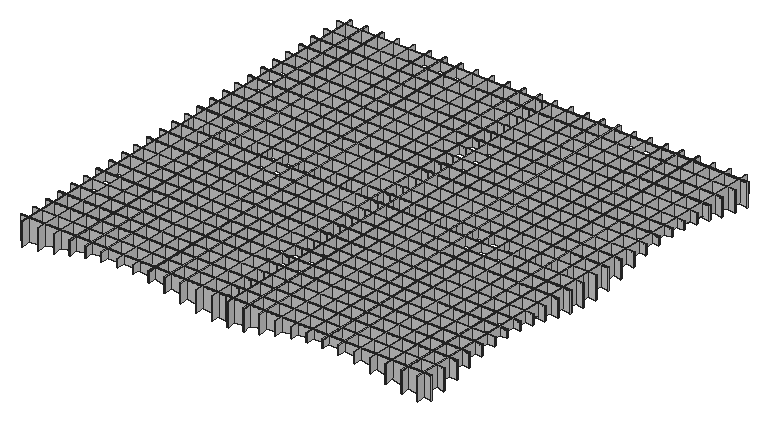
Revit family "CLD-WFL-002_RFA", category Modelos genéricos, Revit 2022 (continued)
Forms (in)
  Extrusion 12, solid
    sketch origin (0, 20.52778, 0) x (1, 0, 0) y (0, 0, 1)
      loop
        spline (53.76378, 5.08558) -> (54.49695, 5.08542) -> (55.23004, 5.08505) -> (55.96301, 5.0845) -> (56.6958, 5.0838) -> (57.42835, 5.08298) -> (58.16062, 5.08206) -> (58.89255, 5.08107) -> (59.62408, 5.08005) -> (60.35517, 5.07902) -> (61.08576, 5.07801) -> (61.81579, 5.07705) -> (62.54522, 5.07616)
        spline (62.54522, 5.07616) -> (63.20286, 5.07551) -> (63.85981, 5.075) -> (64.51602, 5.07466) -> (65.17144, 5.07452) -> (65.82603, 5.0746) -> (66.47973, 5.07493) -> (67.1325, 5.07554) -> (67.78428, 5.07645) -> (68.43505, 5.07766) -> (69.08486, 5.07909) -> (69.73376, 5.08066) -> (70.38178, 5.08229)
        spline (70.38178, 5.08229) -> (71.1172, 5.08386) -> (71.85177, 5.08523) -> (72.58555, 5.08629) -> (73.31859, 5.08695) -> (74.05095, 5.08712) -> (74.78269, 5.08668) -> (75.51386, 5.08555) -> (76.24453, 5.08362) -> (76.97474, 5.08079) -> (77.70455, 5.07697) -> (78.43403, 5.07206) -> (79.16322, 5.06596)
        spline (79.16322, 5.06596) -> (79.81589, 5.05858) -> (80.46845, 5.04989) -> (81.12094, 5.0398) -> (81.77342, 5.02821) -> (82.42595, 5.01505) -> (83.07858, 5.00022) -> (83.73137, 4.98363) -> (84.38439, 4.9652) -> (85.03768, 4.94483) -> (85.6913, 4.92244) -> (86.34531, 4.89793) -> (86.99978, 4.87123)
        spline (86.99978, 4.87123) -> (87.72677, 4.83707) -> (88.45442, 4.80022) -> (89.18281, 4.7606) -> (89.91198, 4.7181) -> (90.642, 4.67263) -> (91.37294, 4.62408) -> (92.10486, 4.57237) -> (92.83781, 4.5174) -> (93.57187, 4.45907) -> (94.3071, 4.39728) -> (95.04355, 4.33194) -> (95.78122, 4.26301)
        spline (95.78122, 4.26301) -> (96.43065, 4.19725) -> (97.08095, 4.12847) -> (97.73207, 4.05667) -> (98.38393, 3.9819) -> (99.03648, 3.90417) -> (99.68963, 3.82352) -> (100.34334, 3.73996) -> (100.99753, 3.65352) -> (101.65213, 3.56424) -> (102.30709, 3.47213) -> (102.96233, 3.37722) -> (103.61778, 3.27954)
        spline (103.61778, 3.27954) -> (103.98302, 3.22342) -> (104.34828, 3.16655) -> (104.71355, 3.10893) -> (105.07882, 3.05057) -> (105.44409, 2.99146) -> (105.80934, 2.93162) -> (106.17456, 2.87105) -> (106.53976, 2.80974) -> (106.9049, 2.74771) -> (107.27, 2.68496) -> (107.63504, 2.62148) -> (108, 2.55729)
        line (108, 2.55729) -> (108, 11.82144)
    from -0.47244 to 0
  Extrusion 13, solid
    sketch origin (0, 28.71867, 0) x (1, 0, 0) y (0, 0, 1)
      loop
        line (108, 11.82144) -> (0, 11.82144) -> (0, 4.58891)
        spline (0, 4.58891) -> (0.32561, 4.62796) -> (0.65129, 4.66617) -> (0.97702, 4.70353) -> (1.3028, 4.74004) -> (1.62862, 4.77569) -> (1.95447, 4.81048) -> (2.28035, 4.84439) -> (2.60624, 4.87743) -> (2.93213, 4.90957) -> (3.25803, 4.94083) -> (3.58391, 4.97119) -> (3.90978, 5.00064)
        spline (3.90978, 5.00064) -> (4.64427, 5.06081) -> (5.37851, 5.11675) -> (6.11244, 5.16838) -> (6.84597, 5.21566) -> (7.57904, 5.25851) -> (8.31157, 5.29688) -> (9.04348, 5.33072) -> (9.7747, 5.35995) -> (10.50516, 5.38452) -> (11.23478, 5.40437) -> (11.96349, 5.41944) -> (12.69122, 5.42966)
        spline (12.69122, 5.42966) -> (13.34952, 5.43128) -> (14.00673, 5.42829) -> (14.66285, 5.42076) -> (15.31792, 5.40886) -> (15.97202, 5.39278) -> (16.62518, 5.37269) -> (17.27747, 5.34877) -> (17.92894, 5.32119) -> (18.57965, 5.29014) -> (19.22966, 5.2558) -> (19.87902, 5.21833) -> (20.52778, 5.17793)
        spline (20.52778, 5.17793) -> (21.26115, 5.12722) -> (21.99402, 5.0737) -> (22.72645, 5.01759) -> (23.45851, 4.95908) -> (24.19025, 4.89838) -> (24.92176, 4.8357) -> (25.65308, 4.77124) -> (26.38429, 4.70521) -> (27.11544, 4.63782) -> (27.84661, 4.56926) -> (28.57785, 4.49975) -> (29.30922, 4.42949)
        spline (29.30922, 4.42949) -> (29.95995, 4.366) -> (30.61094, 4.30234) -> (31.26223, 4.2387) -> (31.91387, 4.17525) -> (32.56591, 4.11218) -> (33.21841, 4.04966) -> (33.87141, 3.98789) -> (34.52497, 3.92703) -> (35.17914, 3.86728) -> (35.83396, 3.80881) -> (36.48949, 3.75181) -> (37.14578, 3.69645)
        spline (37.14578, 3.69645) -> (37.87194, 3.63892) -> (38.59907, 3.58371) -> (39.32723, 3.53102) -> (40.05647, 3.48105) -> (40.78684, 3.43397) -> (41.51831, 3.38979) -> (42.25083, 3.34845) -> (42.98434, 3.30989) -> (43.7188, 3.27405) -> (44.45413, 3.24086) -> (45.19029, 3.21027) -> (45.92722, 3.18221)
        spline (45.92722, 3.18221) -> (46.57816, 3.16116) -> (47.22964, 3.14217) -> (47.88162, 3.12519) -> (48.53404, 3.11017) -> (49.18687, 3.09705) -> (49.84004, 3.08579) -> (50.49352, 3.07632) -> (51.14725, 3.06859) -> (51.80119, 3.06255) -> (52.45529, 3.05816) -> (53.1095, 3.05535) -> (53.76378, 3.05407)
        spline (53.76378, 3.05407) -> (54.49695, 3.0556) -> (55.23004, 3.05885) -> (55.96301, 3.06387) -> (56.6958, 3.07073) -> (57.42836, 3.07948) -> (58.16062, 3.09019) -> (58.89255, 3.10292) -> (59.62409, 3.11771) -> (60.35517, 3.13464) -> (61.08576, 3.15376) -> (61.81579, 3.17514) -> (62.54522, 3.19882)
        spline (62.54522, 3.19882) -> (63.20286, 3.22386) -> (63.85981, 3.25117) -> (64.51602, 3.28078) -> (65.17144, 3.31277) -> (65.82603, 3.34719) -> (66.47973, 3.38408) -> (67.1325, 3.42351) -> (67.78428, 3.46553) -> (68.43505, 3.51013) -> (69.08486, 3.55715) -> (69.73376, 3.60642) -> (70.38178, 3.65777)
        spline (70.38178, 3.65777) -> (71.1172, 3.71948) -> (71.85176, 3.78304) -> (72.58554, 3.84824) -> (73.31858, 3.91488) -> (74.05094, 3.98275) -> (74.78268, 4.05166) -> (75.51385, 4.12139) -> (76.24452, 4.19176) -> (76.97473, 4.26254) -> (77.70455, 4.33354) -> (78.43403, 4.40456) -> (79.16322, 4.47539)
        spline (79.16322, 4.47539) -> (79.80403, 4.53723) -> (80.44473, 4.59841) -> (81.08536, 4.65876) -> (81.72599, 4.7181) -> (82.36666, 4.77623) -> (83.00743, 4.83299) -> (83.64836, 4.88819) -> (84.28951, 4.94166) -> (84.93093, 4.9932) -> (85.57267, 5.04265) -> (86.21481, 5.08982) -> (86.85738, 5.13453)
        spline (86.85738, 5.13453) -> (87.59614, 5.18092) -> (88.33559, 5.22395) -> (89.07577, 5.26344) -> (89.81676, 5.29917) -> (90.55862, 5.33094) -> (91.30141, 5.35856) -> (92.04519, 5.38181) -> (92.79004, 5.4005) -> (93.53601, 5.41442) -> (94.28316, 5.42338) -> (95.03157, 5.42716) -> (95.78122, 5.4257)
        spline (95.78122, 5.4257) -> (96.43065, 5.41648) -> (97.08095, 5.40294) -> (97.73207, 5.38513) -> (98.38393, 5.36311) -> (99.03648, 5.33693) -> (99.68963, 5.30665) -> (100.34334, 5.27231) -> (100.99753, 5.23398) -> (101.65213, 5.19169) -> (102.30709, 5.14552) -> (102.96233, 5.09551) -> (103.61778, 5.04172)
        spline (103.61778, 5.04172) -> (103.98301, 5.00943) -> (104.34827, 4.97613) -> (104.71354, 4.94182) -> (105.07881, 4.90651) -> (105.44407, 4.8702) -> (105.80932, 4.83291) -> (106.17455, 4.79465) -> (106.53974, 4.75541) -> (106.90489, 4.71521) -> (107.26999, 4.67406) -> (107.63503, 4.63196) -> (108, 4.58891)
        line (108, 4.58891) -> (108, 11.82144)
    from -0.11811 to 0
  Extrusion 14, solid, not visible
    sketch origin (0, 16.618, 0) x (1, 0, 0) y (0, 0, 1)
      loop
        line (108, 11.82144) -> (0, 11.82144) -> (0, 2.55729)
        spline (0, 2.55729) -> (0.32561, 2.61504) -> (0.65129, 2.67215) -> (0.97702, 2.72862) -> (1.3028, 2.78445) -> (1.62862, 2.83963) -> (1.95447, 2.89415) -> (2.28035, 2.94802) -> (2.60624, 3.00123) -> (2.93213, 3.05379) -> (3.25803, 3.10567) -> (3.58391, 3.15689) -> (3.90978, 3.20744)
        spline (3.90978, 3.20744) -> (4.64427, 3.31686) -> (5.37851, 3.42317) -> (6.11243, 3.52634) -> (6.84596, 3.62635) -> (7.57903, 3.72316) -> (8.31156, 3.81675) -> (9.04347, 3.90709) -> (9.77469, 3.99415) -> (10.50515, 4.07789) -> (11.23478, 4.1583) -> (11.96349, 4.23534) -> (12.69122, 4.30898)
        spline (12.69122, 4.30898) -> (13.34952, 4.37039) -> (14.00673, 4.4286) -> (14.66285, 4.48364) -> (15.31792, 4.53559) -> (15.97202, 4.58455) -> (16.62518, 4.63059) -> (17.27747, 4.67381) -> (17.92894, 4.71429) -> (18.57965, 4.75212) -> (19.22966, 4.78738) -> (19.87902, 4.82016) -> (20.52778, 4.85054)
        spline (20.52778, 4.85054) -> (21.26115, 4.88062) -> (21.99402, 4.90823) -> (22.72646, 4.93347) -> (23.45851, 4.95644) -> (24.19026, 4.97724) -> (24.92176, 4.99598) -> (25.65309, 5.01275) -> (26.38429, 5.02764) -> (27.11545, 5.04077) -> (27.84661, 5.05223) -> (28.57785, 5.06211) -> (29.30922, 5.07053)
        spline (29.30922, 5.07053) -> (29.95995, 5.07584) -> (30.61094, 5.08009) -> (31.26223, 5.08336) -> (31.91387, 5.08574) -> (32.56591, 5.08733) -> (33.21841, 5.0882) -> (33.87141, 5.08846) -> (34.52497, 5.08817) -> (35.17914, 5.08744) -> (35.83396, 5.08636) -> (36.48949, 5.085) -> (37.14578, 5.08346)
        spline (37.14578, 5.08346) -> (37.87194, 5.08165) -> (38.59907, 5.0799) -> (39.32723, 5.0783) -> (40.05647, 5.07696) -> (40.78684, 5.07594) -> (41.51831, 5.07527) -> (42.25083, 5.07491) -> (42.98434, 5.07483) -> (43.7188, 5.075) -> (44.45413, 5.07538) -> (45.19029, 5.07596) -> (45.92722, 5.0767)
        spline (45.92722, 5.0767) -> (46.57816, 5.07753) -> (47.22964, 5.07843) -> (47.88162, 5.07937) -> (48.53404, 5.08033) -> (49.18687, 5.08128) -> (49.84004, 5.0822) -> (50.49352, 5.08306) -> (51.14725, 5.08383) -> (51.80119, 5.0845) -> (52.45529, 5.08503) -> (53.1095, 5.0854) -> (53.76378, 5.08558)
        spline (53.76378, 5.08558) -> (54.49695, 5.08542) -> (55.23004, 5.08505) -> (55.96301, 5.0845) -> (56.6958, 5.0838) -> (57.42835, 5.08298) -> (58.16062, 5.08206) -> (58.89255, 5.08107) -> (59.62408, 5.08005) -> (60.35517, 5.07902) -> (61.08576, 5.07801) -> (61.81579, 5.07705) -> (62.54522, 5.07616)
        spline (62.54522, 5.07616) -> (63.20286, 5.07551) -> (63.85981, 5.075) -> (64.51602, 5.07466) -> (65.17144, 5.07452) -> (65.82603, 5.0746) -> (66.47973, 5.07493) -> (67.1325, 5.07554) -> (67.78428, 5.07645) -> (68.43505, 5.07766) -> (69.08486, 5.07909) -> (69.73376, 5.08066) -> (70.38178, 5.08229)
        spline (70.38178, 5.08229) -> (71.1172, 5.08386) -> (71.85177, 5.08523) -> (72.58555, 5.08629) -> (73.31859, 5.08695) -> (74.05095, 5.08712) -> (74.78269, 5.08668) -> (75.51386, 5.08555) -> (76.24453, 5.08362) -> (76.97474, 5.08079) -> (77.70455, 5.07697) -> (78.43403, 5.07206) -> (79.16322, 5.06596)
        spline (79.16322, 5.06596) -> (79.81589, 5.05858) -> (80.46845, 5.04989) -> (81.12094, 5.0398) -> (81.77342, 5.02821) -> (82.42595, 5.01505) -> (83.07858, 5.00022) -> (83.73137, 4.98363) -> (84.38439, 4.9652) -> (85.03768, 4.94483) -> (85.6913, 4.92244) -> (86.34531, 4.89793) -> (86.99978, 4.87123)
        spline (86.99978, 4.87123) -> (87.72677, 4.83707) -> (88.45442, 4.80022) -> (89.18281, 4.7606) -> (89.91198, 4.7181) -> (90.642, 4.67263) -> (91.37294, 4.62408) -> (92.10486, 4.57237) -> (92.83781, 4.5174) -> (93.57187, 4.45907) -> (94.3071, 4.39728) -> (95.04355, 4.33194) -> (95.78122, 4.26301)
        spline (95.78122, 4.26301) -> (96.43065, 4.19725) -> (97.08095, 4.12847) -> (97.73207, 4.05667) -> (98.38393, 3.9819) -> (99.03648, 3.90417) -> (99.68963, 3.82352) -> (100.34334, 3.73996) -> (100.99753, 3.65352) -> (101.65213, 3.56424) -> (102.30709, 3.47213) -> (102.96233, 3.37722) -> (103.61778, 3.27954)
        spline (103.61778, 3.27954) -> (103.98302, 3.22342) -> (104.34828, 3.16655) -> (104.71355, 3.10893) -> (105.07882, 3.05057) -> (105.44409, 2.99146) -> (105.80934, 2.93162) -> (106.17456, 2.87105) -> (106.53976, 2.80974) -> (106.9049, 2.74771) -> (107.27, 2.68496) -> (107.63504, 2.62148) -> (108, 2.55729)
        line (108, 2.55729) -> (108, 11.82144)
    from -0.11811 to 0
  Extrusion 15, solid, not visible
    sketch origin (0, 16.73611, 0) x (1, 0, 0) y (0, 0, 1)
      loop
        line (108, 11.82144) -> (0, 11.82144) -> (0, 2.55729)
        spline (0, 2.55729) -> (0.32561, 2.61504) -> (0.65129, 2.67215) -> (0.97702, 2.72862) -> (1.3028, 2.78445) -> (1.62862, 2.83963) -> (1.95447, 2.89415) -> (2.28035, 2.94802) -> (2.60624, 3.00123) -> (2.93213, 3.05379) -> (3.25803, 3.10567) -> (3.58391, 3.15689) -> (3.90978, 3.20744)
        spline (3.90978, 3.20744) -> (4.64427, 3.31686) -> (5.37851, 3.42317) -> (6.11243, 3.52634) -> (6.84596, 3.62635) -> (7.57903, 3.72316) -> (8.31156, 3.81675) -> (9.04347, 3.90709) -> (9.77469, 3.99415) -> (10.50515, 4.07789) -> (11.23478, 4.1583) -> (11.96349, 4.23534) -> (12.69122, 4.30898)
        spline (12.69122, 4.30898) -> (13.34952, 4.37039) -> (14.00673, 4.4286) -> (14.66285, 4.48364) -> (15.31792, 4.53559) -> (15.97202, 4.58455) -> (16.62518, 4.63059) -> (17.27747, 4.67381) -> (17.92894, 4.71429) -> (18.57965, 4.75212) -> (19.22966, 4.78738) -> (19.87902, 4.82016) -> (20.52778, 4.85054)
        spline (20.52778, 4.85054) -> (21.26115, 4.88062) -> (21.99402, 4.90823) -> (22.72646, 4.93347) -> (23.45851, 4.95644) -> (24.19026, 4.97724) -> (24.92176, 4.99598) -> (25.65309, 5.01275) -> (26.38429, 5.02764) -> (27.11545, 5.04077) -> (27.84661, 5.05223) -> (28.57785, 5.06211) -> (29.30922, 5.07053)
        spline (29.30922, 5.07053) -> (29.95995, 5.07584) -> (30.61094, 5.08009) -> (31.26223, 5.08336) -> (31.91387, 5.08574) -> (32.56591, 5.08733) -> (33.21841, 5.0882) -> (33.87141, 5.08846) -> (34.52497, 5.08817) -> (35.17914, 5.08744) -> (35.83396, 5.08636) -> (36.48949, 5.085) -> (37.14578, 5.08346)
        spline (37.14578, 5.08346) -> (37.87194, 5.08165) -> (38.59907, 5.0799) -> (39.32723, 5.0783) -> (40.05647, 5.07696) -> (40.78684, 5.07594) -> (41.51831, 5.07527) -> (42.25083, 5.07491) -> (42.98434, 5.07483) -> (43.7188, 5.075) -> (44.45413, 5.07538) -> (45.19029, 5.07596) -> (45.92722, 5.0767)
        spline (45.92722, 5.0767) -> (46.57816, 5.07753) -> (47.22964, 5.07843) -> (47.88162, 5.07937) -> (48.53404, 5.08033) -> (49.18687, 5.08128) -> (49.84004, 5.0822) -> (50.49352, 5.08306) -> (51.14725, 5.08383) -> (51.80119, 5.0845) -> (52.45529, 5.08503) -> (53.1095, 5.0854) -> (53.76378, 5.08558)
        spline (53.76378, 5.08558) -> (54.49695, 5.08542) -> (55.23004, 5.08505) -> (55.96301, 5.0845) -> (56.6958, 5.0838) -> (57.42835, 5.08298) -> (58.16062, 5.08206) -> (58.89255, 5.08107) -> (59.62408, 5.08005) -> (60.35517, 5.07902) -> (61.08576, 5.07801) -> (61.81579, 5.07705) -> (62.54522, 5.07616)
        spline (62.54522, 5.07616) -> (63.20286, 5.07551) -> (63.85981, 5.075) -> (64.51602, 5.07466) -> (65.17144, 5.07452) -> (65.82603, 5.0746) -> (66.47973, 5.07493) -> (67.1325, 5.07554) -> (67.78428, 5.07645) -> (68.43505, 5.07766) -> (69.08486, 5.07909) -> (69.73376, 5.08066) -> (70.38178, 5.08229)
        spline (70.38178, 5.08229) -> (71.1172, 5.08386) -> (71.85177, 5.08523) -> (72.58555, 5.08629) -> (73.31859, 5.08695) -> (74.05095, 5.08712) -> (74.78269, 5.08668) -> (75.51386, 5.08555) -> (76.24453, 5.08362) -> (76.97474, 5.08079) -> (77.70455, 5.07697) -> (78.43403, 5.07206) -> (79.16322, 5.06596)
        spline (79.16322, 5.06596) -> (79.81589, 5.05858) -> (80.46845, 5.04989) -> (81.12094, 5.0398) -> (81.77342, 5.02821) -> (82.42595, 5.01505) -> (83.07858, 5.00022) -> (83.73137, 4.98363) -> (84.38439, 4.9652) -> (85.03768, 4.94483) -> (85.6913, 4.92244) -> (86.34531, 4.89793) -> (86.99978, 4.87123)
        spline (86.99978, 4.87123) -> (87.72677, 4.83707) -> (88.45442, 4.80022) -> (89.18281, 4.7606) -> (89.91198, 4.7181) -> (90.642, 4.67263) -> (91.37294, 4.62408) -> (92.10486, 4.57237) -> (92.83781, 4.5174) -> (93.57187, 4.45907) -> (94.3071, 4.39728) -> (95.04355, 4.33194) -> (95.78122, 4.26301)
        spline (95.78122, 4.26301) -> (96.43065, 4.19725) -> (97.08095, 4.12847) -> (97.73207, 4.05667) -> (98.38393, 3.9819) -> (99.03648, 3.90417) -> (99.68963, 3.82352) -> (100.34334, 3.73996) -> (100.99753, 3.65352) -> (101.65213, 3.56424) -> (102.30709, 3.47213) -> (102.96233, 3.37722) -> (103.61778, 3.27954)
        spline (103.61778, 3.27954) -> (103.98302, 3.22342) -> (104.34828, 3.16655) -> (104.71355, 3.10893) -> (105.07882, 3.05057) -> (105.44409, 2.99146) -> (105.80934, 2.93162) -> (106.17456, 2.87105) -> (106.53976, 2.80974) -> (106.9049, 2.74771) -> (107.27, 2.68496) -> (107.63504, 2.62148) -> (108, 2.55729)
        line (108, 2.55729) -> (108, 11.82144)
    from -0.47244 to 0
  Extrusion 16, solid
    sketch origin (0, 28.83678, 0) x (1, 0, 0) y (0, 0, 1)
      loop
        line (108, 11.82144) -> (0, 11.82144) -> (0, 4.58891)
        spline (0, 4.58891) -> (0.32561, 4.62796) -> (0.65129, 4.66617) -> (0.97702, 4.70353) -> (1.3028, 4.74004) -> (1.62862, 4.77569) -> (1.95447, 4.81048) -> (2.28035, 4.84439) -> (2.60624, 4.87743) -> (2.93213, 4.90957) -> (3.25803, 4.94083) -> (3.58391, 4.97119) -> (3.90978, 5.00064)
        spline (3.90978, 5.00064) -> (4.64427, 5.06081) -> (5.37851, 5.11675) -> (6.11244, 5.16838) -> (6.84597, 5.21566) -> (7.57904, 5.25851) -> (8.31157, 5.29688) -> (9.04348, 5.33072) -> (9.7747, 5.35995) -> (10.50516, 5.38452) -> (11.23478, 5.40437) -> (11.96349, 5.41944) -> (12.69122, 5.42966)
        spline (12.69122, 5.42966) -> (13.34952, 5.43128) -> (14.00673, 5.42829) -> (14.66285, 5.42076) -> (15.31792, 5.40886) -> (15.97202, 5.39278) -> (16.62518, 5.37269) -> (17.27747, 5.34877) -> (17.92894, 5.32119) -> (18.57965, 5.29014) -> (19.22966, 5.2558) -> (19.87902, 5.21833) -> (20.52778, 5.17793)
        spline (20.52778, 5.17793) -> (21.26115, 5.12722) -> (21.99402, 5.0737) -> (22.72645, 5.01759) -> (23.45851, 4.95908) -> (24.19025, 4.89838) -> (24.92176, 4.8357) -> (25.65308, 4.77124) -> (26.38429, 4.70521) -> (27.11544, 4.63782) -> (27.84661, 4.56926) -> (28.57785, 4.49975) -> (29.30922, 4.42949)
        spline (29.30922, 4.42949) -> (29.95995, 4.366) -> (30.61094, 4.30234) -> (31.26223, 4.2387) -> (31.91387, 4.17525) -> (32.56591, 4.11218) -> (33.21841, 4.04966) -> (33.87141, 3.98789) -> (34.52497, 3.92703) -> (35.17914, 3.86728) -> (35.83396, 3.80881) -> (36.48949, 3.75181) -> (37.14578, 3.69645)
        spline (37.14578, 3.69645) -> (37.87194, 3.63892) -> (38.59907, 3.58371) -> (39.32723, 3.53102) -> (40.05647, 3.48105) -> (40.78684, 3.43397) -> (41.51831, 3.38979) -> (42.25083, 3.34845) -> (42.98434, 3.30989) -> (43.7188, 3.27405) -> (44.45413, 3.24086) -> (45.19029, 3.21027) -> (45.92722, 3.18221)
        spline (45.92722, 3.18221) -> (46.57816, 3.16116) -> (47.22964, 3.14217) -> (47.88162, 3.12519) -> (48.53404, 3.11017) -> (49.18687, 3.09705) -> (49.84004, 3.08579) -> (50.49352, 3.07632) -> (51.14725, 3.06859) -> (51.80119, 3.06255) -> (52.45529, 3.05816) -> (53.1095, 3.05535) -> (53.76378, 3.05407)
        spline (53.76378, 3.05407) -> (54.49695, 3.0556) -> (55.23004, 3.05885) -> (55.96301, 3.06387) -> (56.6958, 3.07073) -> (57.42836, 3.07948) -> (58.16062, 3.09019) -> (58.89255, 3.10292) -> (59.62409, 3.11771) -> (60.35517, 3.13464) -> (61.08576, 3.15376) -> (61.81579, 3.17514) -> (62.54522, 3.19882)
        spline (62.54522, 3.19882) -> (63.20286, 3.22386) -> (63.85981, 3.25117) -> (64.51602, 3.28078) -> (65.17144, 3.31277) -> (65.82603, 3.34719) -> (66.47973, 3.38408) -> (67.1325, 3.42351) -> (67.78428, 3.46553) -> (68.43505, 3.51013) -> (69.08486, 3.55715) -> (69.73376, 3.60642) -> (70.38178, 3.65777)
        spline (70.38178, 3.65777) -> (71.1172, 3.71948) -> (71.85176, 3.78304) -> (72.58554, 3.84824) -> (73.31858, 3.91488) -> (74.05094, 3.98275) -> (74.78268, 4.05166) -> (75.51385, 4.12139) -> (76.24452, 4.19176) -> (76.97473, 4.26254) -> (77.70455, 4.33354) -> (78.43403, 4.40456) -> (79.16322, 4.47539)
        spline (79.16322, 4.47539) -> (79.80403, 4.53723) -> (80.44473, 4.59841) -> (81.08536, 4.65876) -> (81.72599, 4.7181) -> (82.36666, 4.77623) -> (83.00743, 4.83299) -> (83.64836, 4.88819) -> (84.28951, 4.94166) -> (84.93093, 4.9932) -> (85.57267, 5.04265) -> (86.21481, 5.08982) -> (86.85738, 5.13453)
        spline (86.85738, 5.13453) -> (87.59614, 5.18092) -> (88.33559, 5.22395) -> (89.07577, 5.26344) -> (89.81676, 5.29917) -> (90.55862, 5.33094) -> (91.30141, 5.35856) -> (92.04519, 5.38181) -> (92.79004, 5.4005) -> (93.53601, 5.41442) -> (94.28316, 5.42338) -> (95.03157, 5.42716) -> (95.78122, 5.4257)
        spline (95.78122, 5.4257) -> (96.43065, 5.41648) -> (97.08095, 5.40294) -> (97.73207, 5.38513) -> (98.38393, 5.36311) -> (99.03648, 5.33693) -> (99.68963, 5.30665) -> (100.34334, 5.27231) -> (100.99753, 5.23398) -> (101.65213, 5.19169) -> (102.30709, 5.14552) -> (102.96233, 5.09551) -> (103.61778, 5.04172)
        spline (103.61778, 5.04172) -> (103.98301, 5.00943) -> (104.34827, 4.97613) -> (104.71354, 4.94182) -> (105.07881, 4.90651) -> (105.44407, 4.8702) -> (105.80932, 4.83291) -> (106.17455, 4.79465) -> (106.53974, 4.75541) -> (106.90489, 4.71521) -> (107.26999, 4.67406) -> (107.63503, 4.63196) -> (108, 4.58891)
        line (108, 4.58891) -> (108, 11.82144)
    from -0.47244 to 0
  Extrusion 17, solid
    sketch origin (0, 37.02767, 0) x (1, 0, 0) y (0, 0, 1)
      loop
        line (108, 11.82144) -> (0, 11.82144) -> (0, 6.40455)
        spline (0, 6.40455) -> (0.32561, 6.42139) -> (0.65129, 6.43729) -> (0.97702, 6.45226) -> (1.3028, 6.46628) -> (1.62862, 6.47935) -> (1.95447, 6.49146) -> (2.28035, 6.50259) -> (2.60624, 6.51274) -> (2.93213, 6.52189) -> (3.25803, 6.53005) -> (3.58391, 6.5372) -> (3.90978, 6.54334)
        spline (3.90978, 6.54334) -> (4.64427, 6.55011) -> (5.37852, 6.55208) -> (6.11244, 6.54917) -> (6.84598, 6.5413) -> (7.57905, 6.52839) -> (8.31157, 6.51035) -> (9.04349, 6.4871) -> (9.77471, 6.45856) -> (10.50517, 6.42465) -> (11.23479, 6.38528) -> (11.9635, 6.34038) -> (12.69122, 6.28985)
        spline (12.69122, 6.28985) -> (13.34952, 6.23514) -> (14.00673, 6.17505) -> (14.66285, 6.10968) -> (15.31792, 6.03926) -> (15.97202, 5.96405) -> (16.62518, 5.88427) -> (17.27747, 5.80017) -> (17.92894, 5.712) -> (18.57965, 5.62) -> (19.22966, 5.52441) -> (19.87902, 5.42547) -> (20.52778, 5.32343)
        spline (20.52778, 5.32343) -> (21.26115, 5.20293) -> (21.99402, 5.07965) -> (22.72645, 4.95385) -> (23.4585, 4.82583) -> (24.19025, 4.69586) -> (24.92176, 4.56423) -> (25.65308, 4.43121) -> (26.38429, 4.29709) -> (27.11544, 4.16214) -> (27.84661, 4.02665) -> (28.57785, 3.8909) -> (29.30922, 3.75516)
        spline (29.30922, 3.75516) -> (29.95995, 3.63466) -> (30.61094, 3.51485) -> (31.26223, 3.39599) -> (31.91387, 3.2783) -> (32.56591, 3.16206) -> (33.21841, 3.04749) -> (33.87141, 2.93486) -> (34.52497, 2.8244) -> (35.17914, 2.71637) -> (35.83396, 2.61101) -> (36.48949, 2.50857) -> (37.14578, 2.4093)
        spline (37.14578, 2.4093) -> (37.87194, 2.30632) -> (38.59907, 2.20751) -> (39.32723, 2.11315) -> (40.05647, 2.02349) -> (40.78684, 1.93878) -> (41.51831, 1.85902) -> (42.25083, 1.78415) -> (42.98434, 1.71406) -> (43.71879, 1.64869) -> (44.45413, 1.58794) -> (45.19029, 1.53174) -> (45.92722, 1.47999)
        spline (45.92722, 1.47999) -> (46.57816, 1.44092) -> (47.22964, 1.40553) -> (47.88162, 1.37376) -> (48.53404, 1.34552) -> (49.18687, 1.32076) -> (49.84004, 1.2994) -> (50.49352, 1.28136) -> (51.14725, 1.26658) -> (51.80119, 1.25497) -> (52.45529, 1.24648) -> (53.1095, 1.24101) -> (53.76378, 1.23852)
        spline (53.76378, 1.23852) -> (54.49695, 1.24145) -> (55.23005, 1.2477) -> (55.96302, 1.25736) -> (56.69581, 1.2705) -> (57.42836, 1.2872) -> (58.16063, 1.30755) -> (58.89256, 1.33163) -> (59.62409, 1.35951) -> (60.35518, 1.39128) -> (61.08577, 1.42702) -> (61.8158, 1.46681) -> (62.54522, 1.51073)
        spline (62.54522, 1.51073) -> (63.20286, 1.5569) -> (63.85981, 1.60706) -> (64.51602, 1.66127) -> (65.17144, 1.7196) -> (65.82603, 1.78214) -> (66.47973, 1.84896) -> (67.1325, 1.92013) -> (67.78428, 1.99572) -> (68.43505, 2.07573) -> (69.08486, 2.15994) -> (69.73376, 2.24811) -> (70.38178, 2.34001)
        spline (70.38178, 2.34001) -> (71.11719, 2.45082) -> (71.85175, 2.56518) -> (72.58552, 2.6828) -> (73.31856, 2.80343) -> (74.05092, 2.92677) -> (74.78266, 3.05256) -> (75.51384, 3.1805) -> (76.2445, 3.31033) -> (76.97472, 3.44177) -> (77.70454, 3.57454) -> (78.43402, 3.70836) -> (79.16322, 3.84296)
        spline (79.16322, 3.84296) -> (79.81589, 3.96449) -> (80.46845, 4.08604) -> (81.12094, 4.20735) -> (81.77342, 4.32817) -> (82.42595, 4.44826) -> (83.07858, 4.56736) -> (83.73137, 4.68523) -> (84.38439, 4.80161) -> (85.03768, 4.91625) -> (85.6913, 5.02891) -> (86.34531, 5.13933) -> (86.99978, 5.24726)
        spline (86.99978, 5.24726) -> (87.72678, 5.36123) -> (88.45444, 5.47173) -> (89.18283, 5.57848) -> (89.91201, 5.68121) -> (90.64203, 5.77964) -> (91.37298, 5.87351) -> (92.10489, 5.96254) -> (92.83785, 6.04646) -> (93.5719, 6.125) -> (94.30712, 6.19789) -> (95.04356, 6.26486) -> (95.78122, 6.32579)
        spline (95.78122, 6.32579) -> (96.46987, 6.37175) -> (97.15943, 6.41238) -> (97.84985, 6.44778) -> (98.54104, 6.47801) -> (99.23294, 6.50316) -> (99.92548, 6.5233) -> (100.61859, 6.53851) -> (101.3122, 6.54886) -> (102.00624, 6.55445) -> (102.70063, 6.55534) -> (103.39532, 6.55161) -> (104.09022, 6.54334)
        spline (104.09022, 6.54334) -> (104.41609, 6.5372) -> (104.74197, 6.53005) -> (105.06787, 6.52189) -> (105.39376, 6.51274) -> (105.71965, 6.50259) -> (106.04553, 6.49146) -> (106.37138, 6.47935) -> (106.6972, 6.46628) -> (107.02298, 6.45226) -> (107.34871, 6.43729) -> (107.67439, 6.42139) -> (108, 6.40455)
        line (108, 6.40455) -> (108, 11.82144)
    from -0.11811 to 0
  Extrusion 18, solid
    sketch origin (0, 37.14578, 0) x (1, 0, 0) y (0, 0, 1)
      loop
        line (108, 11.82144) -> (0, 11.82144) -> (0, 6.40455)
        spline (0, 6.40455) -> (0.32561, 6.42139) -> (0.65129, 6.43729) -> (0.97702, 6.45226) -> (1.3028, 6.46628) -> (1.62862, 6.47935) -> (1.95447, 6.49146) -> (2.28035, 6.50259) -> (2.60624, 6.51274) -> (2.93213, 6.52189) -> (3.25803, 6.53005) -> (3.58391, 6.5372) -> (3.90978, 6.54334)
        spline (3.90978, 6.54334) -> (4.64427, 6.55011) -> (5.37852, 6.55208) -> (6.11244, 6.54917) -> (6.84598, 6.5413) -> (7.57905, 6.52839) -> (8.31157, 6.51035) -> (9.04349, 6.4871) -> (9.77471, 6.45856) -> (10.50517, 6.42465) -> (11.23479, 6.38528) -> (11.9635, 6.34038) -> (12.69122, 6.28985)
        spline (12.69122, 6.28985) -> (13.34952, 6.23514) -> (14.00673, 6.17505) -> (14.66285, 6.10968) -> (15.31792, 6.03926) -> (15.97202, 5.96405) -> (16.62518, 5.88427) -> (17.27747, 5.80017) -> (17.92894, 5.712) -> (18.57965, 5.62) -> (19.22966, 5.52441) -> (19.87902, 5.42547) -> (20.52778, 5.32343)
        spline (20.52778, 5.32343) -> (21.26115, 5.20293) -> (21.99402, 5.07965) -> (22.72645, 4.95385) -> (23.4585, 4.82583) -> (24.19025, 4.69586) -> (24.92176, 4.56423) -> (25.65308, 4.43121) -> (26.38429, 4.29709) -> (27.11544, 4.16214) -> (27.84661, 4.02665) -> (28.57785, 3.8909) -> (29.30922, 3.75516)
        spline (29.30922, 3.75516) -> (29.95995, 3.63466) -> (30.61094, 3.51485) -> (31.26223, 3.39599) -> (31.91387, 3.2783) -> (32.56591, 3.16206) -> (33.21841, 3.04749) -> (33.87141, 2.93486) -> (34.52497, 2.8244) -> (35.17914, 2.71637) -> (35.83396, 2.61101) -> (36.48949, 2.50857) -> (37.14578, 2.4093)
        spline (37.14578, 2.4093) -> (37.87194, 2.30632) -> (38.59907, 2.20751) -> (39.32723, 2.11315) -> (40.05647, 2.02349) -> (40.78684, 1.93878) -> (41.51831, 1.85902) -> (42.25083, 1.78415) -> (42.98434, 1.71406) -> (43.71879, 1.64869) -> (44.45413, 1.58794) -> (45.19029, 1.53174) -> (45.92722, 1.47999)
        spline (45.92722, 1.47999) -> (46.57816, 1.44092) -> (47.22964, 1.40553) -> (47.88162, 1.37376) -> (48.53404, 1.34552) -> (49.18687, 1.32076) -> (49.84004, 1.2994) -> (50.49352, 1.28136) -> (51.14725, 1.26658) -> (51.80119, 1.25497) -> (52.45529, 1.24648) -> (53.1095, 1.24101) -> (53.76378, 1.23852)
        spline (53.76378, 1.23852) -> (54.49695, 1.24145) -> (55.23005, 1.2477) -> (55.96302, 1.25736) -> (56.69581, 1.2705) -> (57.42836, 1.2872) -> (58.16063, 1.30755) -> (58.89256, 1.33163) -> (59.62409, 1.35951) -> (60.35518, 1.39128) -> (61.08577, 1.42702) -> (61.8158, 1.46681) -> (62.54522, 1.51073)
        spline (62.54522, 1.51073) -> (63.20286, 1.5569) -> (63.85981, 1.60706) -> (64.51602, 1.66127) -> (65.17144, 1.7196) -> (65.82603, 1.78214) -> (66.47973, 1.84896) -> (67.1325, 1.92013) -> (67.78428, 1.99572) -> (68.43505, 2.07573) -> (69.08486, 2.15994) -> (69.73376, 2.24811) -> (70.38178, 2.34001)
        spline (70.38178, 2.34001) -> (71.11719, 2.45082) -> (71.85175, 2.56518) -> (72.58552, 2.6828) -> (73.31856, 2.80343) -> (74.05092, 2.92677) -> (74.78266, 3.05256) -> (75.51384, 3.1805) -> (76.2445, 3.31033) -> (76.97472, 3.44177) -> (77.70454, 3.57454) -> (78.43402, 3.70836) -> (79.16322, 3.84296)
        spline (79.16322, 3.84296) -> (79.81589, 3.96449) -> (80.46845, 4.08604) -> (81.12094, 4.20735) -> (81.77342, 4.32817) -> (82.42595, 4.44826) -> (83.07858, 4.56736) -> (83.73137, 4.68523) -> (84.38439, 4.80161) -> (85.03768, 4.91625) -> (85.6913, 5.02891) -> (86.34531, 5.13933) -> (86.99978, 5.24726)
        spline (86.99978, 5.24726) -> (87.72678, 5.36123) -> (88.45444, 5.47173) -> (89.18283, 5.57848) -> (89.91201, 5.68121) -> (90.64203, 5.77964) -> (91.37298, 5.87351) -> (92.10489, 5.96254) -> (92.83785, 6.04646) -> (93.5719, 6.125) -> (94.30712, 6.19789) -> (95.04356, 6.26486) -> (95.78122, 6.32579)
        spline (95.78122, 6.32579) -> (96.46987, 6.37175) -> (97.15943, 6.41238) -> (97.84985, 6.44778) -> (98.54104, 6.47801) -> (99.23294, 6.50316) -> (99.92548, 6.5233) -> (100.61859, 6.53851) -> (101.3122, 6.54886) -> (102.00624, 6.55445) -> (102.70063, 6.55534) -> (103.39532, 6.55161) -> (104.09022, 6.54334)
        spline (104.09022, 6.54334) -> (104.41609, 6.5372) -> (104.74197, 6.53005) -> (105.06787, 6.52189) -> (105.39376, 6.51274) -> (105.71965, 6.50259) -> (106.04553, 6.49146) -> (106.37138, 6.47935) -> (106.6972, 6.46628) -> (107.02298, 6.45226) -> (107.34871, 6.43729) -> (107.67439, 6.42139) -> (108, 6.40455)
        line (108, 6.40455) -> (108, 11.82144)
    from -0.47244 to 0
  Extrusion 19, solid, not visible
    sketch origin (0, 24.927, 0) x (1, 0, 0) y (0, 0, 1)
      loop
        line (108, 11.82144) -> (0, 11.82144) -> (0, 4.58891)
        spline (0, 4.58891) -> (0.32561, 4.62796) -> (0.65129, 4.66617) -> (0.97702, 4.70353) -> (1.3028, 4.74004) -> (1.62862, 4.77569) -> (1.95447, 4.81048) -> (2.28035, 4.84439) -> (2.60624, 4.87743) -> (2.93213, 4.90957) -> (3.25803, 4.94083) -> (3.58391, 4.97119) -> (3.90978, 5.00064)
        spline (3.90978, 5.00064) -> (4.64427, 5.06081) -> (5.37851, 5.11675) -> (6.11244, 5.16838) -> (6.84597, 5.21566) -> (7.57904, 5.25851) -> (8.31157, 5.29688) -> (9.04348, 5.33072) -> (9.7747, 5.35995) -> (10.50516, 5.38452) -> (11.23478, 5.40437) -> (11.96349, 5.41944) -> (12.69122, 5.42966)
        spline (12.69122, 5.42966) -> (13.34952, 5.43128) -> (14.00673, 5.42829) -> (14.66285, 5.42076) -> (15.31792, 5.40886) -> (15.97202, 5.39278) -> (16.62518, 5.37269) -> (17.27747, 5.34877) -> (17.92894, 5.32119) -> (18.57965, 5.29014) -> (19.22966, 5.2558) -> (19.87902, 5.21833) -> (20.52778, 5.17793)
        spline (20.52778, 5.17793) -> (21.26115, 5.12722) -> (21.99402, 5.0737) -> (22.72645, 5.01759) -> (23.45851, 4.95908) -> (24.19025, 4.89838) -> (24.92176, 4.8357) -> (25.65308, 4.77124) -> (26.38429, 4.70521) -> (27.11544, 4.63782) -> (27.84661, 4.56926) -> (28.57785, 4.49975) -> (29.30922, 4.42949)
        spline (29.30922, 4.42949) -> (29.95995, 4.366) -> (30.61094, 4.30234) -> (31.26223, 4.2387) -> (31.91387, 4.17525) -> (32.56591, 4.11218) -> (33.21841, 4.04966) -> (33.87141, 3.98789) -> (34.52497, 3.92703) -> (35.17914, 3.86728) -> (35.83396, 3.80881) -> (36.48949, 3.75181) -> (37.14578, 3.69645)
        spline (37.14578, 3.69645) -> (37.87194, 3.63892) -> (38.59907, 3.58371) -> (39.32723, 3.53102) -> (40.05647, 3.48105) -> (40.78684, 3.43397) -> (41.51831, 3.38979) -> (42.25083, 3.34845) -> (42.98434, 3.30989) -> (43.7188, 3.27405) -> (44.45413, 3.24086) -> (45.19029, 3.21027) -> (45.92722, 3.18221)
        spline (45.92722, 3.18221) -> (46.57816, 3.16116) -> (47.22964, 3.14217) -> (47.88162, 3.12519) -> (48.53404, 3.11017) -> (49.18687, 3.09705) -> (49.84004, 3.08579) -> (50.49352, 3.07632) -> (51.14725, 3.06859) -> (51.80119, 3.06255) -> (52.45529, 3.05816) -> (53.1095, 3.05535) -> (53.76378, 3.05407)
        spline (53.76378, 3.05407) -> (54.49695, 3.0556) -> (55.23004, 3.05885) -> (55.96301, 3.06387) -> (56.6958, 3.07073) -> (57.42836, 3.07948) -> (58.16062, 3.09019) -> (58.89255, 3.10292) -> (59.62409, 3.11771) -> (60.35517, 3.13464) -> (61.08576, 3.15376) -> (61.81579, 3.17514) -> (62.54522, 3.19882)
        spline (62.54522, 3.19882) -> (63.20286, 3.22386) -> (63.85981, 3.25117) -> (64.51602, 3.28078) -> (65.17144, 3.31277) -> (65.82603, 3.34719) -> (66.47973, 3.38408) -> (67.1325, 3.42351) -> (67.78428, 3.46553) -> (68.43505, 3.51013) -> (69.08486, 3.55715) -> (69.73376, 3.60642) -> (70.38178, 3.65777)
        spline (70.38178, 3.65777) -> (71.1172, 3.71948) -> (71.85176, 3.78304) -> (72.58554, 3.84824) -> (73.31858, 3.91488) -> (74.05094, 3.98275) -> (74.78268, 4.05166) -> (75.51385, 4.12139) -> (76.24452, 4.19176) -> (76.97473, 4.26254) -> (77.70455, 4.33354) -> (78.43403, 4.40456) -> (79.16322, 4.47539)
        spline (79.16322, 4.47539) -> (79.80403, 4.53723) -> (80.44473, 4.59841) -> (81.08536, 4.65876) -> (81.72599, 4.7181) -> (82.36666, 4.77623) -> (83.00743, 4.83299) -> (83.64836, 4.88819) -> (84.28951, 4.94166) -> (84.93093, 4.9932) -> (85.57267, 5.04265) -> (86.21481, 5.08982) -> (86.85738, 5.13453)
        spline (86.85738, 5.13453) -> (87.59614, 5.18092) -> (88.33559, 5.22395) -> (89.07577, 5.26344) -> (89.81676, 5.29917) -> (90.55862, 5.33094) -> (91.30141, 5.35856) -> (92.04519, 5.38181) -> (92.79004, 5.4005) -> (93.53601, 5.41442) -> (94.28316, 5.42338) -> (95.03157, 5.42716) -> (95.78122, 5.4257)
        spline (95.78122, 5.4257) -> (96.43065, 5.41648) -> (97.08095, 5.40294) -> (97.73207, 5.38513) -> (98.38393, 5.36311) -> (99.03648, 5.33693) -> (99.68963, 5.30665) -> (100.34334, 5.27231) -> (100.99753, 5.23398) -> (101.65213, 5.19169) -> (102.30709, 5.14552) -> (102.96233, 5.09551) -> (103.61778, 5.04172)
        spline (103.61778, 5.04172) -> (103.98301, 5.00943) -> (104.34827, 4.97613) -> (104.71354, 4.94182) -> (105.07881, 4.90651) -> (105.44407, 4.8702) -> (105.80932, 4.83291) -> (106.17455, 4.79465) -> (106.53974, 4.75541) -> (106.90489, 4.71521) -> (107.26999, 4.67406) -> (107.63503, 4.63196) -> (108, 4.58891)
        line (108, 4.58891) -> (108, 11.82144)
    from -0.11811 to 0
  Extrusion 20, solid, not visible
    sketch origin (0, 25.04511, 0) x (1, 0, 0) y (0, 0, 1)
      loop
        line (108, 11.82144) -> (0, 11.82144) -> (0, 4.58891)
        spline (0, 4.58891) -> (0.32561, 4.62796) -> (0.65129, 4.66617) -> (0.97702, 4.70353) -> (1.3028, 4.74004) -> (1.62862, 4.77569) -> (1.95447, 4.81048) -> (2.28035, 4.84439) -> (2.60624, 4.87743) -> (2.93213, 4.90957) -> (3.25803, 4.94083) -> (3.58391, 4.97119) -> (3.90978, 5.00064)
        spline (3.90978, 5.00064) -> (4.64427, 5.06081) -> (5.37851, 5.11675) -> (6.11244, 5.16838) -> (6.84597, 5.21566) -> (7.57904, 5.25851) -> (8.31157, 5.29688) -> (9.04348, 5.33072) -> (9.7747, 5.35995) -> (10.50516, 5.38452) -> (11.23478, 5.40437) -> (11.96349, 5.41944) -> (12.69122, 5.42966)
        spline (12.69122, 5.42966) -> (13.34952, 5.43128) -> (14.00673, 5.42829) -> (14.66285, 5.42076) -> (15.31792, 5.40886) -> (15.97202, 5.39278) -> (16.62518, 5.37269) -> (17.27747, 5.34877) -> (17.92894, 5.32119) -> (18.57965, 5.29014) -> (19.22966, 5.2558) -> (19.87902, 5.21833) -> (20.52778, 5.17793)
        spline (20.52778, 5.17793) -> (21.26115, 5.12722) -> (21.99402, 5.0737) -> (22.72645, 5.01759) -> (23.45851, 4.95908) -> (24.19025, 4.89838) -> (24.92176, 4.8357) -> (25.65308, 4.77124) -> (26.38429, 4.70521) -> (27.11544, 4.63782) -> (27.84661, 4.56926) -> (28.57785, 4.49975) -> (29.30922, 4.42949)
        spline (29.30922, 4.42949) -> (29.95995, 4.366) -> (30.61094, 4.30234) -> (31.26223, 4.2387) -> (31.91387, 4.17525) -> (32.56591, 4.11218) -> (33.21841, 4.04966) -> (33.87141, 3.98789) -> (34.52497, 3.92703) -> (35.17914, 3.86728) -> (35.83396, 3.80881) -> (36.48949, 3.75181) -> (37.14578, 3.69645)
        spline (37.14578, 3.69645) -> (37.87194, 3.63892) -> (38.59907, 3.58371) -> (39.32723, 3.53102) -> (40.05647, 3.48105) -> (40.78684, 3.43397) -> (41.51831, 3.38979) -> (42.25083, 3.34845) -> (42.98434, 3.30989) -> (43.7188, 3.27405) -> (44.45413, 3.24086) -> (45.19029, 3.21027) -> (45.92722, 3.18221)
        spline (45.92722, 3.18221) -> (46.57816, 3.16116) -> (47.22964, 3.14217) -> (47.88162, 3.12519) -> (48.53404, 3.11017) -> (49.18687, 3.09705) -> (49.84004, 3.08579) -> (50.49352, 3.07632) -> (51.14725, 3.06859) -> (51.80119, 3.06255) -> (52.45529, 3.05816) -> (53.1095, 3.05535) -> (53.76378, 3.05407)
        spline (53.76378, 3.05407) -> (54.49695, 3.0556) -> (55.23004, 3.05885) -> (55.96301, 3.06387) -> (56.6958, 3.07073) -> (57.42836, 3.07948) -> (58.16062, 3.09019) -> (58.89255, 3.10292) -> (59.62409, 3.11771) -> (60.35517, 3.13464) -> (61.08576, 3.15376) -> (61.81579, 3.17514) -> (62.54522, 3.19882)
        spline (62.54522, 3.19882) -> (63.20286, 3.22386) -> (63.85981, 3.25117) -> (64.51602, 3.28078) -> (65.17144, 3.31277) -> (65.82603, 3.34719) -> (66.47973, 3.38408) -> (67.1325, 3.42351) -> (67.78428, 3.46553) -> (68.43505, 3.51013) -> (69.08486, 3.55715) -> (69.73376, 3.60642) -> (70.38178, 3.65777)
        spline (70.38178, 3.65777) -> (71.1172, 3.71948) -> (71.85176, 3.78304) -> (72.58554, 3.84824) -> (73.31858, 3.91488) -> (74.05094, 3.98275) -> (74.78268, 4.05166) -> (75.51385, 4.12139) -> (76.24452, 4.19176) -> (76.97473, 4.26254) -> (77.70455, 4.33354) -> (78.43403, 4.40456) -> (79.16322, 4.47539)
        spline (79.16322, 4.47539) -> (79.80403, 4.53723) -> (80.44473, 4.59841) -> (81.08536, 4.65876) -> (81.72599, 4.7181) -> (82.36666, 4.77623) -> (83.00743, 4.83299) -> (83.64836, 4.88819) -> (84.28951, 4.94166) -> (84.93093, 4.9932) -> (85.57267, 5.04265) -> (86.21481, 5.08982) -> (86.85738, 5.13453)
        spline (86.85738, 5.13453) -> (87.59614, 5.18092) -> (88.33559, 5.22395) -> (89.07577, 5.26344) -> (89.81676, 5.29917) -> (90.55862, 5.33094) -> (91.30141, 5.35856) -> (92.04519, 5.38181) -> (92.79004, 5.4005) -> (93.53601, 5.41442) -> (94.28316, 5.42338) -> (95.03157, 5.42716) -> (95.78122, 5.4257)
        spline (95.78122, 5.4257) -> (96.43065, 5.41648) -> (97.08095, 5.40294) -> (97.73207, 5.38513) -> (98.38393, 5.36311) -> (99.03648, 5.33693) -> (99.68963, 5.30665) -> (100.34334, 5.27231) -> (100.99753, 5.23398) -> (101.65213, 5.19169) -> (102.30709, 5.14552) -> (102.96233, 5.09551) -> (103.61778, 5.04172)
        spline (103.61778, 5.04172) -> (103.98301, 5.00943) -> (104.34827, 4.97613) -> (104.71354, 4.94182) -> (105.07881, 4.90651) -> (105.44407, 4.8702) -> (105.80932, 4.83291) -> (106.17455, 4.79465) -> (106.53974, 4.75541) -> (106.90489, 4.71521) -> (107.26999, 4.67406) -> (107.63503, 4.63196) -> (108, 4.58891)
        line (108, 4.58891) -> (108, 11.82144)
    from -0.47244 to 0
  Extrusion 21, solid
    sketch origin (0, 45.33667, 0) x (1, 0, 0) y (0, 0, 1)
      loop
        line (108, 11.82144) -> (0, 11.82144) -> (0, 7.49745)
        spline (0, 7.49745) -> (0.32561, 7.50061) -> (0.65129, 7.5028) -> (0.97702, 7.504) -> (1.3028, 7.50421) -> (1.62862, 7.5034) -> (1.95447, 7.50158) -> (2.28035, 7.49874) -> (2.60624, 7.49485) -> (2.93213, 7.48991) -> (3.25803, 7.48392) -> (3.58391, 7.47685) -> (3.90978, 7.46871)
        spline (3.90978, 7.46871) -> (4.64427, 7.44283) -> (5.37852, 7.41184) -> (6.11245, 7.37564) -> (6.84598, 7.33415) -> (7.57905, 7.28726) -> (8.31158, 7.23488) -> (9.04349, 7.17692) -> (9.77471, 7.11327) -> (10.50517, 7.04386) -> (11.23479, 6.96857) -> (11.9635, 6.88732) -> (12.69122, 6.80001)
        spline (12.69122, 6.80001) -> (13.34456, 6.71191) -> (13.99682, 6.61804) -> (14.64799, 6.5185) -> (15.29813, 6.41358) -> (15.94729, 6.30354) -> (16.59553, 6.18867) -> (17.2429, 6.06925) -> (17.88946, 5.94556) -> (18.53527, 5.81787) -> (19.18038, 5.68647) -> (19.82484, 5.55162) -> (20.46871, 5.41362)
        spline (20.46871, 5.41362) -> (21.20701, 5.25043) -> (21.94481, 5.08446) -> (22.68216, 4.91603) -> (23.41914, 4.74548) -> (24.15581, 4.57314) -> (24.89224, 4.39932) -> (25.62848, 4.22436) -> (26.36461, 4.04857) -> (27.10068, 3.8723) -> (27.83677, 3.69586) -> (28.57293, 3.51959) -> (29.30922, 3.3438)
        spline (29.30922, 3.3438) -> (29.95995, 3.18922) -> (30.61094, 3.03586) -> (31.26223, 2.884) -> (31.91387, 2.73392) -> (32.56591, 2.58591) -> (33.21841, 2.44027) -> (33.87141, 2.29726) -> (34.52497, 2.15719) -> (35.17914, 2.02034) -> (35.83396, 1.88699) -> (36.48949, 1.75744) -> (37.14578, 1.63196)
        spline (37.14578, 1.63196) -> (37.87194, 1.50186) -> (38.59907, 1.37703) -> (39.32723, 1.25779) -> (40.05647, 1.14445) -> (40.78684, 1.03728) -> (41.51831, 0.93629) -> (42.25083, 0.84139) -> (42.98434, 0.75249) -> (43.71879, 0.66948) -> (44.45413, 0.59228) -> (45.19029, 0.52078) -> (45.92722, 0.45488)
        spline (45.92722, 0.45488) -> (46.57816, 0.40504) -> (47.22964, 0.35985) -> (47.88162, 0.31924) -> (48.53404, 0.28312) -> (49.18687, 0.2514) -> (49.84004, 0.224) -> (50.49352, 0.20084) -> (51.14725, 0.18183) -> (51.80119, 0.1669) -> (52.45529, 0.15595) -> (53.1095, 0.14891) -> (53.76378, 0.14568)
        spline (53.76378, 0.14568) -> (54.49695, 0.14945) -> (55.23005, 0.1575) -> (55.96302, 0.16993) -> (56.69581, 0.18682) -> (57.42837, 0.20828) -> (58.16064, 0.23439) -> (58.89257, 0.26525) -> (59.6241, 0.30095) -> (60.35518, 0.34158) -> (61.08577, 0.38725) -> (61.8158, 0.43804) -> (62.54522, 0.49405)
        spline (62.54522, 0.49405) -> (63.20286, 0.55285) -> (63.85981, 0.61666) -> (64.51602, 0.68555) -> (65.17144, 0.75961) -> (65.82603, 0.83894) -> (66.47973, 0.92362) -> (67.1325, 1.01374) -> (67.78428, 1.10938) -> (68.43505, 1.21052) -> (69.08486, 1.31692) -> (69.73376, 1.42831) -> (70.38178, 1.54441)
        spline (70.38178, 1.54441) -> (71.11719, 1.68452) -> (71.85174, 1.82919) -> (72.58551, 1.97812) -> (73.31855, 2.13097) -> (74.05091, 2.28743) -> (74.78265, 2.44718) -> (75.51383, 2.60988) -> (76.24449, 2.77524) -> (76.97471, 2.94291) -> (77.70453, 3.11258) -> (78.43402, 3.28394) -> (79.16322, 3.45665)
        spline (79.16322, 3.45665) -> (79.81589, 3.61318) -> (80.46845, 3.77015) -> (81.12094, 3.92726) -> (81.77342, 4.08422) -> (82.42595, 4.24075) -> (83.07858, 4.39655) -> (83.73137, 4.55134) -> (84.38439, 4.70482) -> (85.03768, 4.85671) -> (85.6913, 5.00672) -> (86.34531, 5.15455) -> (86.99978, 5.29992)
        spline (86.99978, 5.29992) -> (87.72678, 5.4553) -> (88.45445, 5.60712) -> (89.18284, 5.75506) -> (89.91202, 5.8988) -> (90.64204, 6.03803) -> (91.37299, 6.17243) -> (92.1049, 6.3017) -> (92.83786, 6.42551) -> (93.57191, 6.54354) -> (94.30712, 6.6555) -> (95.04356, 6.76106) -> (95.78122, 6.8601)
        spline (95.78122, 6.8601) -> (96.43065, 6.93786) -> (97.08095, 7.01021) -> (97.73207, 7.07724) -> (98.38393, 7.13903) -> (99.03648, 7.19567) -> (99.68963, 7.24723) -> (100.34334, 7.29382) -> (100.99753, 7.33551) -> (101.65213, 7.37238) -> (102.30709, 7.40452) -> (102.96233, 7.43202) -> (103.61778, 7.45496)
        spline (103.61778, 7.45496) -> (103.98301, 7.46494) -> (104.34826, 7.47372) -> (104.71353, 7.4813) -> (105.0788, 7.48768) -> (105.44406, 7.4929) -> (105.80931, 7.49695) -> (106.17454, 7.49984) -> (106.53973, 7.5016) -> (106.90488, 7.50223) -> (107.26998, 7.50173) -> (107.63503, 7.50014) -> (108, 7.49745)
        line (108, 7.49745) -> (108, 11.82144)
    from -0.11811 to 0
  Extrusion 22, solid, not visible
    sketch origin (0, 33.236, 0) x (1, 0, 0) y (0, 0, 1)
      loop
        line (108, 11.82144) -> (0, 11.82144) -> (0, 6.40455)
        spline (0, 6.40455) -> (0.32561, 6.42139) -> (0.65129, 6.43729) -> (0.97702, 6.45226) -> (1.3028, 6.46628) -> (1.62862, 6.47935) -> (1.95447, 6.49146) -> (2.28035, 6.50259) -> (2.60624, 6.51274) -> (2.93213, 6.52189) -> (3.25803, 6.53005) -> (3.58391, 6.5372) -> (3.90978, 6.54334)
        spline (3.90978, 6.54334) -> (4.64427, 6.55011) -> (5.37852, 6.55208) -> (6.11244, 6.54917) -> (6.84598, 6.5413) -> (7.57905, 6.52839) -> (8.31157, 6.51035) -> (9.04349, 6.4871) -> (9.77471, 6.45856) -> (10.50517, 6.42465) -> (11.23479, 6.38528) -> (11.9635, 6.34038) -> (12.69122, 6.28985)
        spline (12.69122, 6.28985) -> (13.34952, 6.23514) -> (14.00673, 6.17505) -> (14.66285, 6.10968) -> (15.31792, 6.03926) -> (15.97202, 5.96405) -> (16.62518, 5.88427) -> (17.27747, 5.80017) -> (17.92894, 5.712) -> (18.57965, 5.62) -> (19.22966, 5.52441) -> (19.87902, 5.42547) -> (20.52778, 5.32343)
        spline (20.52778, 5.32343) -> (21.26115, 5.20293) -> (21.99402, 5.07965) -> (22.72645, 4.95385) -> (23.4585, 4.82583) -> (24.19025, 4.69586) -> (24.92176, 4.56423) -> (25.65308, 4.43121) -> (26.38429, 4.29709) -> (27.11544, 4.16214) -> (27.84661, 4.02665) -> (28.57785, 3.8909) -> (29.30922, 3.75516)
        spline (29.30922, 3.75516) -> (29.95995, 3.63466) -> (30.61094, 3.51485) -> (31.26223, 3.39599) -> (31.91387, 3.2783) -> (32.56591, 3.16206) -> (33.21841, 3.04749) -> (33.87141, 2.93486) -> (34.52497, 2.8244) -> (35.17914, 2.71637) -> (35.83396, 2.61101) -> (36.48949, 2.50857) -> (37.14578, 2.4093)
        spline (37.14578, 2.4093) -> (37.87194, 2.30632) -> (38.59907, 2.20751) -> (39.32723, 2.11315) -> (40.05647, 2.02349) -> (40.78684, 1.93878) -> (41.51831, 1.85902) -> (42.25083, 1.78415) -> (42.98434, 1.71406) -> (43.71879, 1.64869) -> (44.45413, 1.58794) -> (45.19029, 1.53174) -> (45.92722, 1.47999)
        spline (45.92722, 1.47999) -> (46.57816, 1.44092) -> (47.22964, 1.40553) -> (47.88162, 1.37376) -> (48.53404, 1.34552) -> (49.18687, 1.32076) -> (49.84004, 1.2994) -> (50.49352, 1.28136) -> (51.14725, 1.26658) -> (51.80119, 1.25497) -> (52.45529, 1.24648) -> (53.1095, 1.24101) -> (53.76378, 1.23852)
        spline (53.76378, 1.23852) -> (54.49695, 1.24145) -> (55.23005, 1.2477) -> (55.96302, 1.25736) -> (56.69581, 1.2705) -> (57.42836, 1.2872) -> (58.16063, 1.30755) -> (58.89256, 1.33163) -> (59.62409, 1.35951) -> (60.35518, 1.39128) -> (61.08577, 1.42702) -> (61.8158, 1.46681) -> (62.54522, 1.51073)
        spline (62.54522, 1.51073) -> (63.20286, 1.5569) -> (63.85981, 1.60706) -> (64.51602, 1.66127) -> (65.17144, 1.7196) -> (65.82603, 1.78214) -> (66.47973, 1.84896) -> (67.1325, 1.92013) -> (67.78428, 1.99572) -> (68.43505, 2.07573) -> (69.08486, 2.15994) -> (69.73376, 2.24811) -> (70.38178, 2.34001)
        spline (70.38178, 2.34001) -> (71.11719, 2.45082) -> (71.85175, 2.56518) -> (72.58552, 2.6828) -> (73.31856, 2.80343) -> (74.05092, 2.92677) -> (74.78266, 3.05256) -> (75.51384, 3.1805) -> (76.2445, 3.31033) -> (76.97472, 3.44177) -> (77.70454, 3.57454) -> (78.43402, 3.70836) -> (79.16322, 3.84296)
        spline (79.16322, 3.84296) -> (79.81589, 3.96449) -> (80.46845, 4.08604) -> (81.12094, 4.20735) -> (81.77342, 4.32817) -> (82.42595, 4.44826) -> (83.07858, 4.56736) -> (83.73137, 4.68523) -> (84.38439, 4.80161) -> (85.03768, 4.91625) -> (85.6913, 5.02891) -> (86.34531, 5.13933) -> (86.99978, 5.24726)
        spline (86.99978, 5.24726) -> (87.72678, 5.36123) -> (88.45444, 5.47173) -> (89.18283, 5.57848) -> (89.91201, 5.68121) -> (90.64203, 5.77964) -> (91.37298, 5.87351) -> (92.10489, 5.96254) -> (92.83785, 6.04646) -> (93.5719, 6.125) -> (94.30712, 6.19789) -> (95.04356, 6.26486) -> (95.78122, 6.32579)
        spline (95.78122, 6.32579) -> (96.46987, 6.37175) -> (97.15943, 6.41238) -> (97.84985, 6.44778) -> (98.54104, 6.47801) -> (99.23294, 6.50316) -> (99.92548, 6.5233) -> (100.61859, 6.53851) -> (101.3122, 6.54886) -> (102.00624, 6.55445) -> (102.70063, 6.55534) -> (103.39532, 6.55161) -> (104.09022, 6.54334)
        spline (104.09022, 6.54334) -> (104.41609, 6.5372) -> (104.74197, 6.53005) -> (105.06787, 6.52189) -> (105.39376, 6.51274) -> (105.71965, 6.50259) -> (106.04553, 6.49146) -> (106.37138, 6.47935) -> (106.6972, 6.46628) -> (107.02298, 6.45226) -> (107.34871, 6.43729) -> (107.67439, 6.42139) -> (108, 6.40455)
        line (108, 6.40455) -> (108, 11.82144)
    from -0.11811 to 0
  Extrusion 23, solid, not visible
    sketch origin (0, 33.35411, 0) x (1, 0, 0) y (0, 0, 1)
      loop
        line (108, 11.82144) -> (0, 11.82144) -> (0, 6.40455)
        spline (0, 6.40455) -> (0.32561, 6.42139) -> (0.65129, 6.43729) -> (0.97702, 6.45226) -> (1.3028, 6.46628) -> (1.62862, 6.47935) -> (1.95447, 6.49146) -> (2.28035, 6.50259) -> (2.60624, 6.51274) -> (2.93213, 6.52189) -> (3.25803, 6.53005) -> (3.58391, 6.5372) -> (3.90978, 6.54334)
        spline (3.90978, 6.54334) -> (4.64427, 6.55011) -> (5.37852, 6.55208) -> (6.11244, 6.54917) -> (6.84598, 6.5413) -> (7.57905, 6.52839) -> (8.31157, 6.51035) -> (9.04349, 6.4871) -> (9.77471, 6.45856) -> (10.50517, 6.42465) -> (11.23479, 6.38528) -> (11.9635, 6.34038) -> (12.69122, 6.28985)
        spline (12.69122, 6.28985) -> (13.34952, 6.23514) -> (14.00673, 6.17505) -> (14.66285, 6.10968) -> (15.31792, 6.03926) -> (15.97202, 5.96405) -> (16.62518, 5.88427) -> (17.27747, 5.80017) -> (17.92894, 5.712) -> (18.57965, 5.62) -> (19.22966, 5.52441) -> (19.87902, 5.42547) -> (20.52778, 5.32343)
        spline (20.52778, 5.32343) -> (21.26115, 5.20293) -> (21.99402, 5.07965) -> (22.72645, 4.95385) -> (23.4585, 4.82583) -> (24.19025, 4.69586) -> (24.92176, 4.56423) -> (25.65308, 4.43121) -> (26.38429, 4.29709) -> (27.11544, 4.16214) -> (27.84661, 4.02665) -> (28.57785, 3.8909) -> (29.30922, 3.75516)
        spline (29.30922, 3.75516) -> (29.95995, 3.63466) -> (30.61094, 3.51485) -> (31.26223, 3.39599) -> (31.91387, 3.2783) -> (32.56591, 3.16206) -> (33.21841, 3.04749) -> (33.87141, 2.93486) -> (34.52497, 2.8244) -> (35.17914, 2.71637) -> (35.83396, 2.61101) -> (36.48949, 2.50857) -> (37.14578, 2.4093)
        spline (37.14578, 2.4093) -> (37.87194, 2.30632) -> (38.59907, 2.20751) -> (39.32723, 2.11315) -> (40.05647, 2.02349) -> (40.78684, 1.93878) -> (41.51831, 1.85902) -> (42.25083, 1.78415) -> (42.98434, 1.71406) -> (43.71879, 1.64869) -> (44.45413, 1.58794) -> (45.19029, 1.53174) -> (45.92722, 1.47999)
        spline (45.92722, 1.47999) -> (46.57816, 1.44092) -> (47.22964, 1.40553) -> (47.88162, 1.37376) -> (48.53404, 1.34552) -> (49.18687, 1.32076) -> (49.84004, 1.2994) -> (50.49352, 1.28136) -> (51.14725, 1.26658) -> (51.80119, 1.25497) -> (52.45529, 1.24648) -> (53.1095, 1.24101) -> (53.76378, 1.23852)
        spline (53.76378, 1.23852) -> (54.49695, 1.24145) -> (55.23005, 1.2477) -> (55.96302, 1.25736) -> (56.69581, 1.2705) -> (57.42836, 1.2872) -> (58.16063, 1.30755) -> (58.89256, 1.33163) -> (59.62409, 1.35951) -> (60.35518, 1.39128) -> (61.08577, 1.42702) -> (61.8158, 1.46681) -> (62.54522, 1.51073)
        spline (62.54522, 1.51073) -> (63.20286, 1.5569) -> (63.85981, 1.60706) -> (64.51602, 1.66127) -> (65.17144, 1.7196) -> (65.82603, 1.78214) -> (66.47973, 1.84896) -> (67.1325, 1.92013) -> (67.78428, 1.99572) -> (68.43505, 2.07573) -> (69.08486, 2.15994) -> (69.73376, 2.24811) -> (70.38178, 2.34001)
        spline (70.38178, 2.34001) -> (71.11719, 2.45082) -> (71.85175, 2.56518) -> (72.58552, 2.6828) -> (73.31856, 2.80343) -> (74.05092, 2.92677) -> (74.78266, 3.05256) -> (75.51384, 3.1805) -> (76.2445, 3.31033) -> (76.97472, 3.44177) -> (77.70454, 3.57454) -> (78.43402, 3.70836) -> (79.16322, 3.84296)
        spline (79.16322, 3.84296) -> (79.81589, 3.96449) -> (80.46845, 4.08604) -> (81.12094, 4.20735) -> (81.77342, 4.32817) -> (82.42595, 4.44826) -> (83.07858, 4.56736) -> (83.73137, 4.68523) -> (84.38439, 4.80161) -> (85.03768, 4.91625) -> (85.6913, 5.02891) -> (86.34531, 5.13933) -> (86.99978, 5.24726)
        spline (86.99978, 5.24726) -> (87.72678, 5.36123) -> (88.45444, 5.47173) -> (89.18283, 5.57848) -> (89.91201, 5.68121) -> (90.64203, 5.77964) -> (91.37298, 5.87351) -> (92.10489, 5.96254) -> (92.83785, 6.04646) -> (93.5719, 6.125) -> (94.30712, 6.19789) -> (95.04356, 6.26486) -> (95.78122, 6.32579)
        spline (95.78122, 6.32579) -> (96.46987, 6.37175) -> (97.15943, 6.41238) -> (97.84985, 6.44778) -> (98.54104, 6.47801) -> (99.23294, 6.50316) -> (99.92548, 6.5233) -> (100.61859, 6.53851) -> (101.3122, 6.54886) -> (102.00624, 6.55445) -> (102.70063, 6.55534) -> (103.39532, 6.55161) -> (104.09022, 6.54334)
        spline (104.09022, 6.54334) -> (104.41609, 6.5372) -> (104.74197, 6.53005) -> (105.06787, 6.52189) -> (105.39376, 6.51274) -> (105.71965, 6.50259) -> (106.04553, 6.49146) -> (106.37138, 6.47935) -> (106.6972, 6.46628) -> (107.02298, 6.45226) -> (107.34871, 6.43729) -> (107.67439, 6.42139) -> (108, 6.40455)
        line (108, 6.40455) -> (108, 11.82144)
    from -0.47244 to 0
  Extrusion 24, solid
    sketch origin (0, 45.45478, 0) x (1, 0, 0) y (0, 0, 1)
      loop
        line (108, 11.82144) -> (0, 11.82144) -> (0, 7.49745)
        spline (0, 7.49745) -> (0.32561, 7.50061) -> (0.65129, 7.5028) -> (0.97702, 7.504) -> (1.3028, 7.50421) -> (1.62862, 7.5034) -> (1.95447, 7.50158) -> (2.28035, 7.49874) -> (2.60624, 7.49485) -> (2.93213, 7.48991) -> (3.25803, 7.48392) -> (3.58391, 7.47685) -> (3.90978, 7.46871)
